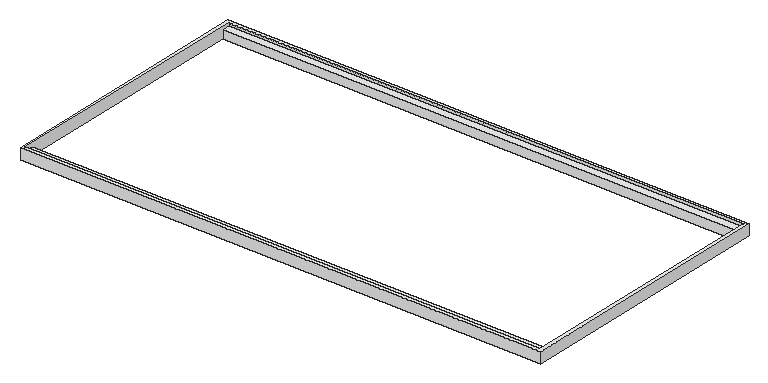
Revit family "M_Capacho de entrada", category Equipamento especial, Revit 2019
Family settings
  Hospedeiro = Piso
  Cota do conector redondo = Utilizar diâmetro
  Tipo de parte = Normal
  ID de item do Seek = Walk-Off Mat-0000-CAN-ENU
  Sempre na vertical = Sim
  Corte com vazios quando carregada = Não
  Compartilhado = Não
  Ponto de cálculo do ambiente = Não
Parameters
  Largura [instance] = 1219.2 mm
  WebArrayNum [instance] = Comprimento da matriz / 31.75 mm  # 18
  Comprimento [instance] = 609.6 mm
  Comprimento da matriz [instance] = Comprimento - 50.8 mm  # 558.8 mm
Reference planes
  plane 1 "Centro (Frente/Trás)": y = -1054.094
  plane 2: z = 0
  plane 3 "Centro (Esquerda/Direita)": x = -1003.035
  plane 4 "Direita": x = 216.165
  plane 5 "LADO EXTERNO": y = -1054.094
  plane 6 "Superior": y = -444.494
  plane 7: x = 209.815
  plane 8: x = -1003.035
  plane 9: x = -996.685
  plane 10: y = -1028.694
  plane 11: y = -1022.344
  plane 12: y = -1047.744
  plane 13: y = -482.594
Forms (mm)
  Sweep 1, solid, material "Alumín. 1"
    path in 3D
      loop
        line (-996.685, -450.844, 0) -> (209.815, -450.844, 0)
    profile origin (-393.435, -450.844, 0) x (0, 1, 0) y (0, 0, 1)
      loop
        line (0, -6.35) -> (-19.05, -6.35) -> (-19.05, -25.4) -> (0, -25.4) -> (0, -6.35)
  Extrusion 2, void
    sketch origin (0, 0, 0) x (1, 0, 0) y (0, 1, 0)
      loop
        line (-1003.035, -444.494) -> (-1003.035, -1054.094) -> (216.165, -1054.094) -> (216.165, -444.494) -> (-1003.035, -444.494)
    from 8.918 to -25.4
  Sweep 3, solid, material "Alumín. 1"
    path in 3D
      loop
        line (209.815, -1047.744, 0) -> (-996.685, -1047.744, 0)
    profile origin (-393.435, -1047.744, 0) x (0, -1, 0) y (0, 0, 1)
      loop
        line (0, -6.35) -> (-19.05, -6.35) -> (-19.05, -25.4) -> (0, -25.4) -> (0, -6.35)
  Sweep 4, solid, material "Alumín. 1"
    path origin (0, 0, 0) x (1, 0, 0) y (0, 1, 0)
      loop
        line (-1003.035, -444.494) -> (-1003.035, -1054.094) -> (216.165, -1054.094) -> (216.165, -444.494) -> (-1003.035, -444.494)
    profile origin (-393.435, -444.494, 0) x (0, 1, 0) y (0, 0, 1)
      loop
        line (0, 0) -> (-6.35, 0) -> (-6.35, -25.4) -> (0, -25.4) -> (0, 0)
Cuts and joins
  joined: Sweep 1, Sweep 3, Sweep 4
Lines and regions (mm)
  model lines
    curve 1: line (-1003.035, -444.494, 0) -> (216.165, -444.494, 0)
    curve 2: line (-996.685, -1047.744, 0) -> (-996.685, -450.844, 0)
    curve 3: line (216.165, -1054.094, 0) -> (-1003.035, -1054.094, 0)
    curve 4: line (216.165, -444.494, 0) -> (216.165, -1054.094, 0)
    curve 5: line (-996.685, -450.844, 0) -> (209.815, -450.844, 0)
    curve 6: line (-996.685, -1047.744, 0) -> (-996.685, -450.844, 0)
    curve 7: line (209.815, -1047.744, 0) -> (-996.685, -1047.744, 0)
    curve 8: line (209.815, -450.844, 0) -> (209.815, -1047.744, 0)
  sketch lines
    curve 9: line (-996.685, -450.844, 0) -> (209.815, -450.844, 0)
    curve 10: line (209.815, -1047.744, 0) -> (-996.685, -1047.744, 0)
  model lines, not visible
    curve 11: line (-996.685, -1022.344, 0) -> (209.815, -1022.344, 0)
    curve 12: line (-996.685, -996.944, 0) -> (209.815, -996.944, 0)
Dimensions and locks
  equal spacing: host sketch curve, plane 1 "Centro (Frente/Trás)", host sketch curve
  equal spacing: host sketch curve, plane 3 "Centro (Esquerda/Direita)", host sketch curve
  host sketch curve to host sketch curve = 3048 mm  (x2)
  locked: curve 7 to plane 5 "LADO EXTERNO" at 6.35
  locked: plane 6 "Superior" to curve 5 at 6.35
  "Comprimento": plane 6 "Superior" to plane 5 "LADO EXTERNO"
  "Largura": plane 8 to plane 4 "Direita"
  locked: plane 8 to plane 9 at 6.35
  curve 7 to plane 10 = 19.05 mm
  locked: plane 11 to plane 10 at 6.35
  locked: plane 1 "Centro (Frente/Trás)" to plane 12 at 6.35
  locked: plane 6 "Superior" to plane 13 at 38.1
  equal spacing: group 2, group 4, group 5, group 6, group 7, group 8, group 9, group 10, group 11, group 12, group 13, group 14, group 15, group 16, group 17, group 18, group 19, group 3  (x3)
  locked: plane 7 to plane 4 "Direita" at 6.35
  aligned and locked: curve 1 to plane 6 "Superior"
  aligned and locked: plane 5 "LADO EXTERNO" to curve 4
  aligned and locked: curve 4 to plane 4 "Direita"
  aligned and locked: Extrusion 2 to plane 5 "LADO EXTERNO"
  aligned and locked: plane 4 "Direita" to Extrusion 2
  aligned and locked: plane 6 "Superior" to Extrusion 2
  aligned and locked: Sweep 3 to plane 7
  aligned and locked: plane 9 to curve 6
  aligned and locked: plane 8 to Extrusion 2
  aligned and locked: plane 8 to Sweep 4 sketch curve
  aligned and locked: Sweep 4 sketch curve to plane 6 "Superior"
  aligned and locked: Sweep 4 sketch curve to curve 3
  aligned and locked: Sweep 4 sketch curve to curve 4
  aligned and locked: plane 8 to plane 3 "Centro (Esquerda/Direita)"
  aligned and locked: nested 1 to plane 8
  aligned and locked: plane 12 to nested 1
  aligned and locked: nested 2 to plane 13
Automatic sketch dimensions
  Extrusion 2 sketch curve to plane 1 "Centro (Frente/Trás)" = 0 mm
  Extrusion 2 sketch curve to plane 3 "Centro (Esquerda/Direita)" = 0 mm
  Extrusion 2 sketch curve to plane 4 "Direita" = 0 mm
  Extrusion 2 sketch curve to plane 6 "Superior" = 0 mm
  curve 3 to plane 3 "Centro (Esquerda/Direita)" = 0 mm
  curve 1 to plane 3 "Centro (Esquerda/Direita)" = 0 mm
  curve 8 to plane 7 = 0 mm
  Sweep 1 sketch curve to profile plane = 0 mm
  profile plane to Sweep 1 sketch curve = 19.05 mm
  Sweep 1 sketch curve to profile plane = 25.4 mm
  Sweep 1 sketch curve to profile plane = 6.35 mm
  Sweep 3 sketch curve to profile plane = 0 mm
  profile plane to Sweep 3 sketch curve = 19.05 mm
  Sweep 3 sketch curve to profile plane = 25.4 mm
  Sweep 3 sketch curve to profile plane = 6.35 mm
  Sweep 4 sketch curve to level = 0 mm
  Sweep 4 sketch curve to profile plane = 0 mm
  Sweep 4 sketch curve to Sweep 4 sketch curve = 6.35 mm
  Sweep 4 sketch curve to Sweep 4 sketch curve = 25.4 mm
Nested families
  nested 1: "Capacho de entrada- Piso-2" at (-1003.035, -1047.744, 0), type "Capacho de entrada- Piso-2"
  nested 2: "Capacho de entrada- Piso-2" at (-1003.035, -482.594, 0), type "Capacho de entrada- Piso-2"
  nested 3: "Capacho de entrada- Piso-2" at (-1003.035, -1014.5, 0), type "Capacho de entrada- Piso-2"
  nested 4: "Capacho de entrada- Piso-2" at (-1003.035, -981.256, 0), type "Capacho de entrada- Piso-2"
  nested 5: "Capacho de entrada- Piso-2" at (-1003.035, -948.012, 0), type "Capacho de entrada- Piso-2"
  nested 6: "Capacho de entrada- Piso-2" at (-1003.035, -914.768, 0), type "Capacho de entrada- Piso-2"
  nested 7: "Capacho de entrada- Piso-2" at (-1003.035, -881.523, 0), type "Capacho de entrada- Piso-2"
  nested 8: "Capacho de entrada- Piso-2" at (-1003.035, -848.279, 0), type "Capacho de entrada- Piso-2"
  nested 9: "Capacho de entrada- Piso-2" at (-1003.035, -815.035, 0), type "Capacho de entrada- Piso-2"
  nested 10: "Capacho de entrada- Piso-2" at (-1003.035, -781.791, 0), type "Capacho de entrada- Piso-2"
  nested 11: "Capacho de entrada- Piso-2" at (-1003.035, -748.547, 0), type "Capacho de entrada- Piso-2"
  nested 12: "Capacho de entrada- Piso-2" at (-1003.035, -715.303, 0), type "Capacho de entrada- Piso-2"
  nested 13: "Capacho de entrada- Piso-2" at (-1003.035, -682.059, 0), type "Capacho de entrada- Piso-2"
  nested 14: "Capacho de entrada- Piso-2" at (-1003.035, -648.815, 0), type "Capacho de entrada- Piso-2"
  nested 15: "Capacho de entrada- Piso-2" at (-1003.035, -615.571, 0), type "Capacho de entrada- Piso-2"
  nested 16: "Capacho de entrada- Piso-2" at (-1003.035, -582.326, 0), type "Capacho de entrada- Piso-2"
  nested 17: "Capacho de entrada- Piso-2" at (-1003.035, -549.082, 0), type "Capacho de entrada- Piso-2"
  nested 18: "Capacho de entrada- Piso-2" at (-1003.035, -515.838, 0), type "Capacho de entrada- Piso-2"
Definition of nested family "Capacho de entrada- Piso-2"
  Parameters
    Largura = 1219.2 mm
    Assembly Code = ""
  Reference planes
    plane 1 "Centro (Frente/Trás)": y = 0
    plane 2: z = 0
    plane 3 "Centro (Esquerda/Direita)": x = 0
    plane 4: y = 6.35
    plane 5: x = 1219.2
    plane 6: x = 6.35
    plane 7: x = 1212.85
  Lines and regions (mm)
    model lines, detail levels fine
      curve 1: line (6.35, 6.35, 0) -> (1212.85, 6.35, 0)
      curve 2: line (1212.85, 6.35, 0) -> (1212.85, 31.75, 0)
      curve 4: line (6.35, 31.75, 0) -> (6.35, 6.35, 0)
    model lines, detail levels medium+fine
      curve 3: line (1212.85, 31.75, 0) -> (6.35, 31.75, 0)
  Dimensions and locks
    "Largura": plane 3 "Centro (Esquerda/Direita)" to plane 5
    locked: plane 3 "Centro (Esquerda/Direita)" to plane 6 at 6.35
    locked: plane 7 to plane 5 at 6.35
    aligned and locked: curve 2 to plane 7
    aligned and locked: plane 6 to curve 4
    aligned and locked: plane 4 to curve 1
  Automatic sketch dimensions
    curve 3 to plane 4 = 25.4 mm
